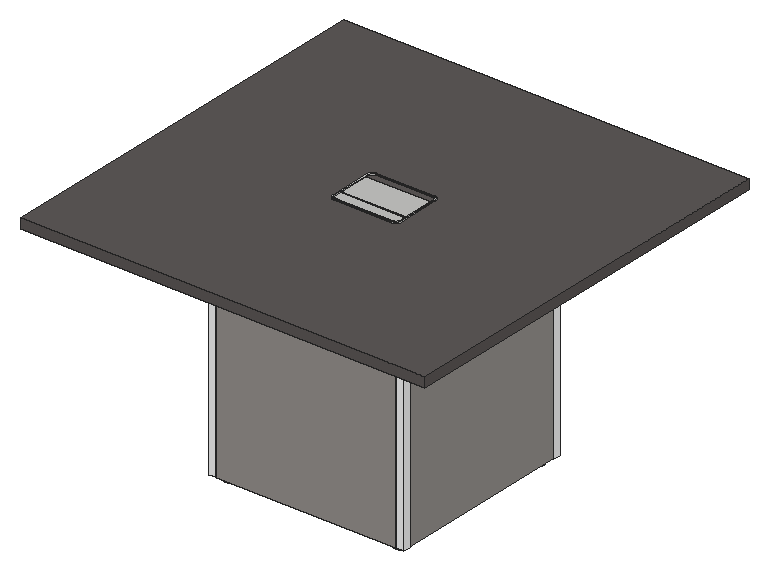
Revit family "Tables-Meeting-Teknion-BC_NSK_Square_Cubic_Base-R2015", category Furniture, Revit 2015
Parameters (values of type "1-3/16" Thick WS")
  Worksurface Finish [instance] = Veneer - Teknion - VB - Flintwood - Black Walnut
  Width [instance] = 48.000"
  Warranty = "http://www.teknion.com/ca/papers/legal-canada"
  Unit Weight URL = "http://www.teknion.com/ca/tools/assets#&asset=bee6a381-b954-425e-8283-5a2de3a804f2,f828d448-4b62-4231-9e5f-9a8991c0ed77"
  URL = "www.teknion.com"
  Sustainability Data = "http://www.teknion.com/ca/tools/assets#&topic=216f99a5-57a0-44fc-b10a-9dee9b29ae4c&asset=444deb64-fe58-4b68-981e-f75e97781df7"
  Support Frame Finish [instance] = Mica - Teknion - V - Satin - Very White
  Series = "Expansion Casegoods"  # constant formula
  Product Page URL = "http://www.teknion.com/ca/products/product-details?productlineid=0053336e-8e7a-673b-a6c8-ff00004460c4"
  Product Line = "Expansion Casegoods"  # constant formula
  Product Documentation Link = "http://www.teknion.com/pricing/expansion-casegoods/pdfs/BC_NSK_ppg.pdf"
  Part Number = "BC_NSK"  # constant formula
  Note [instance] = "Available Widths are 48, 54, 60 inches."  # constant formula
  Model = "BCMNSK__"
  Manufacturer Phone = "416-661-3370"  # constant formula
  Manufacturer Fax = "416.661.4586"  # constant formula
  Manufacturer Contact Information = "http://www.teknion.com/ca/contactus"
  Manufacturer Address = "1150 Flint Road, Toronto, ON. M3J 2J5. Canada"  # constant formula
  Manufacturer = "Teknion"  # constant formula
  Keynote = ""
  Has Recessed Power/Data Module [instance] = yes
  Description = "Square Meeting Table – Cubic Base, 1-3/16\" Thick WS"
  Depth [instance] = Actual Width  # 47.760"
  Base Width Offset [instance] = if(Width = 48.000", 12.380", if(Width = 54.000", 14.685", 16.850"))  # 12.380"
  Base Infill Finish [instance] = Source Laminate - Teknion - DE - Latte
  Assembly Code = "E2020200"
  Actual Width [instance] = if(Width = 48.000", 47.760", if(Width = 54.000", 53.730", 59.700"))  # 47.760"
Reference planes (in)
  plane 1 "Center Front/Back": y = 0
  plane 2: z = 0
  plane 3 "Center Left/Right": x = 0
  plane 4 "Left": x = -23.88
  plane 5 "Right": x = 23.88
  plane 6 "Back": y = 23.88
  plane 7 "Front": y = -23.88
  plane 8 "Top": z = 28.81398
  plane 9: x = -11.5
  plane 10: x = 11.5
  plane 11: y = 11.5
  plane 12: y = -11.5
  plane 13: z = 27.625
  plane 14: z = 0.60236
  plane 15: z = 28.87398
Forms (in)
  Extrusion 1, solid, material "Source Laminate - Teknion - DE - Latte" <- "Base Infill Finish"
    sketch origin (0, 0, 28.81398) x (-1, 0, 0) y (0, -1, 0)
      loop
        line (10.55512, -11.5) -> (10.55512, -10.79921) -> (10.67323, -10.79921) -> (10.67323, -10.67323) -> (10.79921, -10.67323) -> (10.79921, -10.55512) -> (11.5, -10.55512) -> (11.5, 10.55512) -> (10.79921, 10.55512) -> (10.79921, 10.67323) -> (10.67323, 10.67323) -> (10.67323, 10.79921) -> (10.55512, 10.79921) -> (10.55512, 11.5) -> (-10.55512, 11.5) -> (-10.55512, 10.79921) -> (-10.67323, 10.79921) -> (-10.67323, 10.67323) -> (-10.79921, 10.67323) -> (-10.79921, 10.55512) -> (-11.5, 10.55512) -> (-11.5, -10.55512) -> (-10.79921, -10.55512) -> (-10.79921, -10.67323) -> (-10.67323, -10.67323) -> (-10.67323, -10.79921) -> (-10.55512, -10.79921) -> (-10.55512, -11.5) -> (10.55512, -11.5)
    from -1.18898 to -28.21162
  Extrusion 2, solid, material "Mica - Teknion - V - Satin - Very White" <- "Support Frame Finish"
    sketch origin (0, 0, 28.81398) x (-1, 0, 0) y (0, -1, 0)
      loop
        line (10.67323, -11.5) -> (11.5, -11.5) -> (11.5, -10.67323) -> (10.67323, -10.67323) -> (10.67323, -11.5)
    from -1.18898 to -28.21162
  Extrusion 3, solid, material "Mica - Teknion - V - Satin - Very White" <- "Support Frame Finish"
    sketch origin (0, 0, 28.81398) x (1, 0, 0) y (0, 1, 0)
      loop
        line (10.67323, 11.5) -> (10.67323, 10.67323) -> (11.5, 10.67323) -> (11.5, 11.5) -> (10.67323, 11.5)
    from -28.21162 to -1.18898
  Extrusion 4, solid, material "Mica - Teknion - V - Satin - Very White" <- "Support Frame Finish"
    sketch origin (0, 0, 28.81398) x (-1, 0, 0) y (0, -1, 0)
      loop
        line (10.67323, 11.5) -> (10.67323, 10.67323) -> (11.5, 10.67323) -> (11.5, 11.5) -> (10.67323, 11.5)
    from -28.21162 to -1.18898
  Extrusion 5, solid, material "Mica - Teknion - V - Satin - Very White" <- "Support Frame Finish"
    sketch origin (0, 0, 28.81398) x (1, 0, 0) y (0, 1, 0)
      loop
        line (10.67323, -11.5) -> (11.5, -11.5) -> (11.5, -10.67323) -> (10.67323, -10.67323) -> (10.67323, -11.5)
    from -28.21162 to -1.18898
  Extrusion 6, solid, material "Veneer - Teknion - VB - Flintwood - Black Walnut" <- "Worksurface Finish"
    sketch origin (0, 0, 28.81398) x (-1, 0, 0) y (0, -1, 0)
      loop
        line (23.88, -23.88) -> (23.88, 23.88) -> (-23.88, 23.88) -> (-23.88, -23.88) -> (23.88, -23.88)
    from 0 to -1.18898
  Extrusion 7, solid, material "Plastic - Teknion - E - Ebony"
    sketch origin (11.5, -180, 0.60236) x (0, -1, 0) y (-1, 0, 0)
      loop
        circle (-189.98603, 21.49537) r 0.83
    from 0 to 0.60236
  Extrusion 8, solid, material "Plastic - Teknion - E - Ebony"
    sketch origin (-11.5, -180, 0.60236) x (0, 1, 0) y (1, 0, 0)
      loop
        circle (189.98603, 21.49537) r 0.83
    from 0 to 0.60236
  Extrusion 9, solid, material "Plastic - Teknion - E - Ebony"
    sketch origin (11.5, 180, 0.60236) x (0, -1, 0) y (-1, 0, 0)
      loop
        circle (189.98603, 21.49537) r 0.83
    from 0 to 0.60236
  Extrusion 10, solid, material "Plastic - Teknion - E - Ebony"
    sketch origin (-11.5, 180, 0.60236) x (0, 1, 0) y (1, 0, 0)
      loop
        circle (-189.98603, 21.49537) r 0.83
    from 0 to 0.60236
  Extrusion 11, solid, material "Metal - Teknion - AC - Clear Anodized", visible <- "Has Recessed Power/Data Module"
    sketch origin (11.5, -180, 0.60236) x (0, -1, 0) y (-1, 0, 0)
      loop
        arc (-183.14116, 8.14) -> (-182.94898, 7.67602) -> (-182.485, 7.48384) r 0.65616
        line (-182.485, 7.48384) -> (-177.515, 7.48384)
        arc (-177.515, 7.48384) -> (-177.05102, 7.67602) -> (-176.85884, 8.14) r 0.65616
        line (-176.85884, 8.14) -> (-176.85884, 14.86)
        arc (-176.85884, 14.86) -> (-177.05102, 15.32398) -> (-177.515, 15.51616) r 0.65616
        line (-177.515, 15.51616) -> (-182.485, 15.51616)
        arc (-182.485, 15.51616) -> (-182.94898, 15.32398) -> (-183.14116, 14.86) r 0.65616
        line (-183.14116, 14.86) -> (-183.14116, 8.14)
      loop
        line (-182.94, 14.86) -> (-182.94, 8.14)
        arc (-182.94, 8.14) -> (-182.80673, 7.81827) -> (-182.485, 7.685) r 0.455
        line (-182.485, 7.685) -> (-177.515, 7.685)
        arc (-177.515, 7.685) -> (-177.19327, 7.81827) -> (-177.06, 8.14) r 0.455
        line (-177.06, 8.14) -> (-177.06, 14.86)
        arc (-177.06, 14.86) -> (-177.19327, 15.18173) -> (-177.515, 15.315) r 0.455
        line (-177.515, 15.315) -> (-182.485, 15.315)
        arc (-182.485, 15.315) -> (-182.80673, 15.18173) -> (-182.94, 14.86) r 0.455
    from -28.27162 to -28.21162
  Extrusion 12, solid, material "Metal - Teknion - AC - Clear Anodized", visible <- "Has Recessed Power/Data Module"
    sketch origin (11.5, -180, 0.60236) x (0, -1, 0) y (-1, 0, 0)
      loop
        line (-182.0526, 15.315) -> (-182.0526, 7.685) -> (-178.3789, 7.685) -> (-178.3789, 15.315) -> (-182.0526, 15.315)
    from -28.27162 to -28.21162
  Extrusion 13, solid, material "Metal - Teknion - AC - Clear Anodized", visible <- "Has Recessed Power/Data Module"
    sketch origin (11.5, -180, 0.60236) x (0, -1, 0) y (-1, 0, 0)
      loop
        line (-178.26079, 7.685) -> (-177.515, 7.685)
        arc (-177.515, 7.685) -> (-177.19327, 7.81827) -> (-177.06, 8.14) r 0.455
        line (-177.06, 8.14) -> (-177.06, 14.86)
        arc (-177.06, 14.86) -> (-177.19327, 15.18173) -> (-177.515, 15.315) r 0.455
        line (-177.515, 15.315) -> (-178.26079, 15.315) -> (-178.26079, 7.685)
    from -28.21162 to -28.27162
Lines and regions (in)
  Masking region 1
    outline origin (11.5, -180, 0.60236) x (0, -1, 0) y (1, 0, 0)
      loop
        line (-203.88, -35.38) -> (-156.12, -35.38) -> (-156.12, 12.38) -> (-203.88, 12.38) -> (-203.88, -35.38)
  symbolic lines, style "FurnitureHiddenLines", detail levels medium+fine
    curve 1: line (-11.5, 11.5, 0.60236) -> (11.5, 11.5, 0.60236)
    curve 2: line (-11.5, 11.5, 0.60236) -> (-11.5, -11.5, 0.60236)
    curve 3: line (11.5, -11.5, 0.60236) -> (-11.5, -11.5, 0.60236)
    curve 4: line (11.5, 11.5, 0.60236) -> (11.5, -11.5, 0.60236)
  symbolic lines, style "FurnitureHiddenLines", detail levels fine
    curve 5: line (-10.55512, 10.79921, 0.60236) -> (-10.55512, 11.5, 0.60236)
    curve 6: line (-10.67323, 10.79921, 0.60236) -> (-10.55512, 10.79921, 0.60236)
    curve 7: line (-10.67323, 10.67323, 0.60236) -> (-10.67323, 10.79921, 0.60236)
    curve 8: line (-10.79921, 10.67323, 0.60236) -> (-10.67323, 10.67323, 0.60236)
    curve 9: line (-10.79921, 10.55512, 0.60236) -> (-10.79921, 10.67323, 0.60236)
    curve 10: line (-11.5, 10.55512, 0.60236) -> (-10.79921, 10.55512, 0.60236)
    curve 11: line (-10.79921, -10.55512, 0.60236) -> (-11.5, -10.55512, 0.60236)
    curve 12: line (-10.79921, -10.67323, 0.60236) -> (-10.79921, -10.55512, 0.60236)
    curve 13: line (-10.67323, -10.67323, 0.60236) -> (-10.79921, -10.67323, 0.60236)
    curve 14: line (-10.67323, -10.79921, 0.60236) -> (-10.67323, -10.67323, 0.60236)
    curve 15: line (-10.55512, -10.79921, 0.60236) -> (-10.67323, -10.79921, 0.60236)
    curve 16: line (-10.55512, -11.5, 0.60236) -> (-10.55512, -10.79921, 0.60236)
    curve 17: line (10.55512, -10.79921, 0.60236) -> (10.55512, -11.5, 0.60236)
    curve 18: line (10.67323, -10.79921, 0.60236) -> (10.55512, -10.79921, 0.60236)
    curve 19: line (10.67323, -10.67323, 0.60236) -> (10.67323, -10.79921, 0.60236)
    curve 20: line (10.79921, -10.67323, 0.60236) -> (10.67323, -10.67323, 0.60236)
    curve 21: line (10.79921, -10.55512, 0.60236) -> (10.79921, -10.67323, 0.60236)
    curve 22: line (11.5, -10.55512, 0.60236) -> (10.79921, -10.55512, 0.60236)
    curve 23: line (-11.5, -10.67323, 0.60236) -> (-10.67323, -10.67323, 0.60236)
    curve 24: line (-10.67323, -10.67323, 0.60236) -> (-10.67323, -11.5, 0.60236)
    curve 25: line (10.67323, -11.5, 0.60236) -> (10.67323, -10.67323, 0.60236)
    curve 26: line (10.67323, -10.67323, 0.60236) -> (11.5, -10.67323, 0.60236)
    curve 27: line (10.67323, 10.67323, 0.60236) -> (10.67323, 11.5, 0.60236)
    curve 28: line (11.5, 10.67323, 0.60236) -> (10.67323, 10.67323, 0.60236)
    curve 29: line (10.55512, 11.5, 0.60236) -> (10.55512, 10.79921, 0.60236)
    curve 30: line (10.55512, 10.79921, 0.60236) -> (10.67323, 10.79921, 0.60236)
    curve 31: line (10.79921, 10.67323, 0.60236) -> (10.79921, 10.55512, 0.60236)
    curve 32: line (10.79921, 10.55512, 0.60236) -> (11.5, 10.55512, 0.60236)
    curve 33: line (-10.67323, 11.5, 0.60236) -> (-10.67323, 10.67323, 0.60236)
    curve 34: line (-10.67323, 10.67323, 0.60236) -> (-11.5, 10.67323, 0.60236)
    curve 54: arc (-9.99537, 9.15603, 0.60236) -> (-9.16537, 9.98603, 0.60236) -> (-9.99537, 10.81603, 0.60236) r 0.83
    curve 55: arc (-9.99537, 10.81603, 0.60236) -> (-10.82537, 9.98603, 0.60236) -> (-9.99537, 9.15603, 0.60236) r 0.83
    curve 56: arc (9.99537, 9.15603, 0.60236) -> (10.82537, 9.98603, 0.60236) -> (9.99537, 10.81603, 0.60236) r 0.83
    curve 57: arc (9.99537, 10.81603, 0.60236) -> (9.16537, 9.98603, 0.60236) -> (9.99537, 9.15603, 0.60236) r 0.83
    curve 58: arc (9.99537, -10.81603, 0.60236) -> (10.82537, -9.98603, 0.60236) -> (9.99537, -9.15603, 0.60236) r 0.83
    curve 59: arc (9.99537, -9.15603, 0.60236) -> (9.16537, -9.98603, 0.60236) -> (9.99537, -10.81603, 0.60236) r 0.83
    curve 60: arc (-9.99537, -10.81603, 0.60236) -> (-9.16537, -9.98603, 0.60236) -> (-9.99537, -9.15603, 0.60236) r 0.83
    curve 61: arc (-9.99537, -9.15603, 0.60236) -> (-10.82537, -9.98603, 0.60236) -> (-9.99537, -10.81603, 0.60236) r 0.83
  symbolic lines, visible <- "Has Recessed Power/Data Module"
    curve 35: line (-3.36, 3.14116, 0.60236) -> (3.36, 3.14116, 0.60236)
    curve 36: line (3.36, -3.14116, 0.60236) -> (-3.36, -3.14116, 0.60236)
    curve 37: line (-4.01616, -2.485, 0.60236) -> (-4.01616, 2.485, 0.60236)
    curve 38: line (4.01616, 2.485, 0.60236) -> (4.01616, -2.485, 0.60236)
    curve 39: arc (3.36, 3.14116, 0.60236) -> (3.82398, 2.94898, 0.60236) -> (4.01616, 2.485, 0.60236) r 0.65616
    curve 40: arc (-4.01616, 2.485, 0.60236) -> (-3.82398, 2.94898, 0.60236) -> (-3.36, 3.14116, 0.60236) r 0.65616
    curve 41: arc (-3.36, -3.14116, 0.60236) -> (-3.82398, -2.94898, 0.60236) -> (-4.01616, -2.485, 0.60236) r 0.65616
    curve 42: arc (4.01616, -2.485, 0.60236) -> (3.82398, -2.94898, 0.60236) -> (3.36, -3.14116, 0.60236) r 0.65616
    curve 43: line (3.36, 2.94, 0.60236) -> (-3.36, 2.94, 0.60236)
    curve 44: line (3.36, -2.94, 0.60236) -> (-3.36, -2.94, 0.60236)
    curve 45: arc (3.815, 2.485, 0.60236) -> (3.68173, 2.80673, 0.60236) -> (3.36, 2.94, 0.60236) r 0.455
    curve 46: arc (-3.36, 2.94, 0.60236) -> (-3.68173, 2.80673, 0.60236) -> (-3.815, 2.485, 0.60236) r 0.455
    curve 47: arc (-3.36, -2.94, 0.60236) -> (-3.68173, -2.80673, 0.60236) -> (-3.815, -2.485, 0.60236) r 0.455
    curve 48: arc (3.815, -2.485, 0.60236) -> (3.68173, -2.80673, 0.60236) -> (3.36, -2.94, 0.60236) r 0.455
    curve 49: line (-3.815, 2.485, 0.60236) -> (-3.815, -2.485, 0.60236)
    curve 50: line (3.815, -2.485, 0.60236) -> (3.815, 2.485, 0.60236)
    curve 51: line (-3.815, 2.0526, 0.60236) -> (3.815, 2.0526, 0.60236)
    curve 52: line (3.815, -1.6211, 0.60236) -> (-3.815, -1.6211, 0.60236)
    curve 53: line (-3.815, -1.73921, 0.60236) -> (3.815, -1.73921, 0.60236)
Dimensions and locks (in)
  equal spacing: plane 4 "Left", plane 3 "Center Left/Right", plane 5 "Right"
  equal spacing: plane 6 "Back", plane 1 "Center Front/Back", plane 7 "Front"
  plane 8 "Top" to level = 28.81398"
  "Actual Width": plane 6 "Back" to plane 7 "Front"
  "Actual Width": plane 4 "Left" to plane 5 "Right"
  plane 11 to Extrusion 1 sketch curve to Extrusion 1 sketch curve to Extrusion 1 sketch curve = 0.70079" locked, 0.12598" locked, 0.11811" locked  (x2)
  plane 9 to Extrusion 1 sketch curve to Extrusion 1 sketch curve to Extrusion 1 sketch curve = 0.70079" locked, 0.12598" locked, 0.11811" locked  (x2)
  Extrusion 1 sketch curve to Extrusion 1 sketch curve to Extrusion 1 sketch curve to plane 10 = 0.11811" locked, 0.12598" locked, 0.70079" locked  (x2)
  plane 12 to Extrusion 1 sketch curve to Extrusion 1 sketch curve to Extrusion 1 sketch curve = 0.70079" locked, 0.12598" locked, 0.11811" locked  (x2)
  locked: plane 9 to Extrusion 2 sketch curve at 0.82677
  locked: plane 11 to Extrusion 2 sketch curve at 0.82677
  locked: Extrusion 3 sketch curve to plane 10 at 0.82677
  locked: plane 11 to Extrusion 3 sketch curve at 0.82677
  locked: Extrusion 5 sketch curve to plane 10 at 0.82677
  locked: plane 12 to Extrusion 5 sketch curve at 0.82677
  locked: plane 8 "Top" to plane 13 at 1.18898
  locked: plane 14 to plane 2 at 0.60236
  locked: plane 9 to Extrusion 7 sketch curve at 1.50463
  locked: plane 11 to Extrusion 7 sketch curve at 1.51397
  locked: Extrusion 8 sketch curve to plane 10 at 1.50463
  locked: plane 11 to Extrusion 8 sketch curve at 1.51397
  locked: plane 9 to Extrusion 9 sketch curve at 1.50463
  locked: plane 12 to Extrusion 9 sketch curve at 1.51397
  locked: plane 12 to Extrusion 10 sketch curve at 1.51397
  locked: Extrusion 10 sketch curve to plane 10 at 1.50463
  locked: plane 15 to plane 8 "Top" at 0.06
  Extrusion 11 sketch curve to Extrusion 11 sketch curve to Extrusion 11 sketch curve to Extrusion 11 sketch curve to plane 3 "Center Left/Right" to Extrusion 11 sketch curve to Extrusion 11 sketch curve to Extrusion 11 sketch curve to Extrusion 11 sketch curve = 0.000" locked, 0.000" locked, 0.000" locked, 3.360" locked, 3.360" locked, 0.000" locked, 0.000" locked, 0.000" locked
  Extrusion 11 sketch curve to Extrusion 11 sketch curve to Extrusion 11 sketch curve to Extrusion 11 sketch curve to plane 1 "Center Front/Back" to Extrusion 11 sketch curve to Extrusion 11 sketch curve to Extrusion 11 sketch curve to Extrusion 11 sketch curve = 0.000" locked, 0.000" locked, 0.000" locked, 2.485" locked, 2.485" locked, 0.000" locked, 0.000" locked, 0.000" locked
  Extrusion 12 sketch curve to plane 1 "Center Front/Back" to Extrusion 12 sketch curve = 1.6211" locked, 2.0526" locked
  Extrusion 12 sketch curve to plane 3 "Center Left/Right" to Extrusion 12 sketch curve = 3.815" locked, 3.815" locked
  locked: plane 1 "Center Front/Back" to Extrusion 13 sketch curve at 1.73921
  "Base Width Offset": plane 4 "Left" to plane 9
  "Base Width Offset": plane 10 to plane 5 "Right"
  "Base Width Offset": plane 6 "Back" to plane 11
  "Base Width Offset": plane 7 "Front" to plane 12
  aligned and locked: level to plane 2
  aligned and locked: Extrusion 1 sketch curve to plane 11
  aligned and locked: Extrusion 1 sketch curve to plane 9
  aligned and locked: Extrusion 1 sketch curve to plane 12
  aligned and locked: plane 10 to Extrusion 1 sketch curve
  aligned and locked: Extrusion 2 sketch curve to plane 11
  aligned and locked: Extrusion 2 sketch curve to plane 9
  aligned and locked: plane 11 to Extrusion 3 sketch curve
  aligned and locked: plane 10 to Extrusion 3 sketch curve
  aligned and locked: Extrusion 5 sketch curve to plane 12
  aligned and locked: Extrusion 5 sketch curve to plane 10
  aligned and locked: plane 9 to Extrusion 4 sketch curve
  aligned and locked: plane 12 to Extrusion 4 sketch curve
  aligned and locked: Extrusion 1 to plane 13
  aligned and locked: plane 14 to Extrusion 1
  aligned and locked: Extrusion 2 to plane 13
  aligned and locked: plane 14 to Extrusion 2
  aligned and locked: plane 14 to Extrusion 5
  aligned and locked: plane 13 to Extrusion 5
  aligned and locked: Extrusion 3 to plane 13
  aligned and locked: plane 14 to Extrusion 3
  aligned and locked: Extrusion 6 sketch curve to plane 4 "Left"
  aligned and locked: Extrusion 6 sketch curve to plane 6 "Back"
  aligned and locked: Extrusion 6 sketch curve to plane 5 "Right"
  aligned and locked: Extrusion 6 sketch curve to plane 7 "Front"
  aligned and locked: Extrusion 6 to plane 13
  aligned and locked: plane 8 "Top" to Extrusion 6
  aligned and locked: plane 13 to Extrusion 4
  aligned and locked: plane 14 to Extrusion 4
  aligned and locked: Extrusion 7 to plane 14
  aligned and locked: Extrusion 7 to plane 2
  aligned and locked: Extrusion 8 to plane 2
  aligned and locked: Extrusion 9 to plane 2
  aligned and locked: Extrusion 10 to plane 2
  aligned and locked: Extrusion 9 to plane 14
  aligned and locked: Extrusion 10 to plane 14
  aligned and locked: Extrusion 8 to plane 14
  aligned and locked: Extrusion 11 to plane 15
  aligned and locked: Extrusion 11 to plane 8 "Top"
  aligned and locked: Extrusion 13 sketch curve to Extrusion 11  (x2)
  aligned and locked: Extrusion 12 to plane 15
  aligned and locked: Extrusion 12 to plane 8 "Top"
  aligned and locked: plane 8 "Top" to Extrusion 13
  aligned and locked: Extrusion 13 to plane 15
  aligned and locked: Masking region 1 sketch curve to plane 4 "Left"
  aligned and locked: Masking region 1 sketch curve to plane 6 "Back"
  aligned and locked: Masking region 1 sketch curve to plane 5 "Right"
  aligned and locked: Masking region 1 sketch curve to plane 7 "Front"
  aligned and locked: plane 11 to curve 1
  aligned and locked: plane 9 to curve 2
  aligned and locked: plane 12 to curve 3
  aligned and locked: curve 4 to plane 10
  aligned and locked: curve 23 to Extrusion 4
  aligned and locked: curve 24 to Extrusion 4
  aligned and locked: curve 25 to Extrusion 5
  aligned and locked: curve 26 to Extrusion 5
  aligned and locked: curve 27 to Extrusion 3
  aligned and locked: curve 28 to Extrusion 3
  aligned and locked: curve 33 to Extrusion 2
  aligned and locked: curve 34 to Extrusion 2
  aligned and locked: curve 39 to Extrusion 11
  aligned and locked: curve 40 to Extrusion 11
  aligned and locked: curve 41 to Extrusion 11
  aligned and locked: curve 42 to Extrusion 11
  aligned and locked: curve 45 to Extrusion 11
  aligned and locked: curve 46 to Extrusion 11
  aligned and locked: curve 47 to Extrusion 13
  aligned and locked: curve 48 to Extrusion 13
  aligned and locked: curve 53 to Extrusion 13
  aligned and locked: curve 54 to Extrusion 7
  aligned and locked: curve 55 to Extrusion 7
  aligned and locked: curve 56 to Extrusion 8
  aligned and locked: curve 57 to Extrusion 8
  aligned and locked: curve 58 to Extrusion 10
  aligned and locked: curve 59 to Extrusion 10
  aligned and locked: curve 60 to Extrusion 9
  aligned and locked: curve 61 to Extrusion 9
  aligned and locked: curve 51 to Extrusion 12
Automatic sketch dimensions
  Extrusion 4 sketch curve to plane 9 = 0.82677"
  plane 12 to Extrusion 4 sketch curve = 0.82677"
  Extrusion 11 sketch curve to Extrusion 11 sketch curve = 0.65616"
  Extrusion 11 sketch curve to Extrusion 11 sketch curve = 0.20116"
  curve 52 to curve 53 = 0.11811"
  curve 29 to curve 27 = 0.12598"
  curve 7 to curve 7 = 0.12598"
  curve 31 to curve 31 = 0.11811"
  curve 8 to curve 9 = 0.11811"
  curve 11 to curve 12 = 0.11811"
  curve 22 to curve 20 = 0.11811"
  curve 13 to curve 14 = 0.12598"
  curve 19 to curve 19 = 0.12598"
  curve 10 to curve 7 = 0.12598"
  curve 12 to curve 13 = 0.12598"
  curve 14 to curve 16 = 0.11811"
  curve 6 to curve 5 = 0.11811"
  curve 29 to curve 30 = 0.11811"
  curve 17 to curve 18 = 0.11811"
  curve 19 to curve 20 = 0.12598"
  curve 27 to curve 31 = 0.12598"
  radius of Extrusion 7 sketch curve = 0.830"
  radius of Extrusion 8 sketch curve = 0.830"
  radius of Extrusion 9 sketch curve = 0.830"
  radius of Extrusion 10 sketch curve = 0.830"
